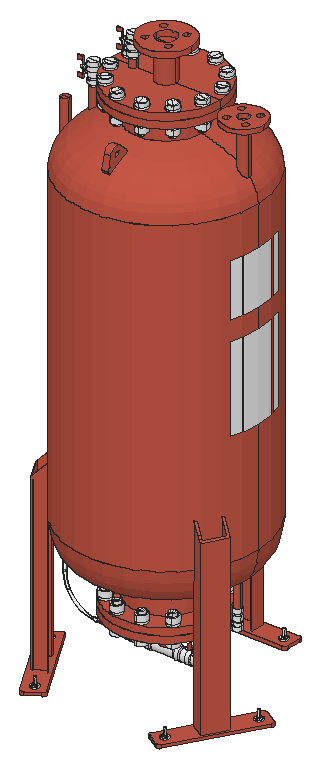
Revit family "YVPT-S240-14K(設計震度2G以下)", category スプリンクラ, Revit 2018
Family settings
  注釈の向きを維持 = いいえ
  丸型コネクタ寸法 = 直径を使用
  パーツ タイプ = 標準
  OmniClass 番号 = 23.65.70.17.21
  OmniClass タイトル = Foam Fire Fighting Terminals
  作業面ベース = いいえ
  常に垂直 = はい
  ロード時にボイドで切り取り = いいえ
  共有 = いいえ
  部屋計算ポイント = いいえ
Parameters
  運転質量 = 0.00 kg
  質量 = 0.00 kg
  設置方法 = ""
  記号 [instance] = ""
  製品質量 = 255.00 kg
  製品出荷対象 = ""
  製品リリース年月 = ""
  製品グループ = ""
  系統 [instance] = ""
  符号 = ""
  積算_科目 = "9 消火設備"
  積算_拾い区分 [instance] = ""
  特殊仕様 [instance] = ""
  法定耐用年数 = ""
  機械基礎質量 [instance] = 0.00 kg
  機械基礎_W = 0 mm
  機械基礎_H = 0 mm
  機械基礎_D = 0 mm
  材質 [instance] = ""
  最高使用圧力 = 0.0 Pa
  形式 = ""
  容量 = 268.0 L
  呼称 = "YVPU-240_14K"
  吐出量 [instance] = 0.0 L/s
  吐出口径 [instance] = 60.5 mm
  参照している仕様書等のバージョン = ""
  分類コード = "50903001800000"
  分類グループ = ""
  入口径 [instance] = 34 mm
  企業コード = "580077214"
  付属品 [instance] = ""
  仕様書バージョン = "Version1.0"
  コメント [instance] = ""
  Width = 0 mm
  Version = ""
  Uniclass2015Version = "Systems v1.9"
  Uniclass2015Title = "Foam fire fighting tanks"
  Uniclass2015Code = "Pr_60_50_67_31"
  URL = "https://www.yamatoprotec.co.jp/"
  SpecificationReference = ""
  SpecificationDescription = ""
  Revision = ""
  ProductInformation = "https://www.yamatoprotec.co.jp/products/syokasetsubi/proportioner/"
  Product data url = ""
  OmniClassCode = "23-29 33 13 21"
  Model = "YVPT-S240-14K"
  製造元 = "ヤマトプロテック株式会社"
  キーノート = "13955"
  IfcTypeProduct = ""
  IfcProduct = ""
  IfcExportType = "SPRINKLER"
  IfcExportAs = "IfcFireSuppressionTerminalType"
  Height = 0 mm
  Description = "YVPT-S240-14K"
  Depth = 0 mm
  Clearance Top = 0 mm
  Clearance Right = 0 mm
  Clearance Left = 0 mm
  Clearance Front = 0 mm
  Clearance Back = 0 mm
  Author = "BIMobject"
  アセンブリ コード = "D4090200"
Reference planes
  plane 1 "中心(正面/背面)": y = 0
  plane 2: z = 0
  plane 3 "中心(左/右)": x = 0
Forms (mm)
  Revolve 1, solid, material "Yamato Protec - Paint Red"
    sketch origin (0, 0, 0) x (1, 0, 0) y (0, 0, 1)
      loop
        line (0, 1509.038) -> (0, 279.296) -> (79.764, 279.296)
        spline (79.764, 279.296) -> (110.792, 285.55) -> (134.066, 291.563) -> (152.622, 297.241) -> (168.332, 302.624) -> (182.238, 307.845) -> (195.373, 313.178) -> (208.814, 319.48) -> (223.646, 327.77) -> (240.575, 339.426) -> (257.73, 358.234) -> (272.183, 388.973) -> (281, 436.428)
        line (281, 436.428) -> (281, 1376.484)
        spline (281, 1376.484) -> (274.531, 1406.417) -> (263.292, 1426.981) -> (252.103, 1440.386) -> (243.756, 1448.796) -> (237.281, 1454.297) -> (231.242, 1458.861) -> (223.841, 1463.794) -> (213.144, 1470.152) -> (197.335, 1478.718) -> (175.222, 1488.823) -> (145.821, 1499.314) -> (108.15, 1509.038)
        line (108.15, 1509.038) -> (0, 1509.038)
      axis (0, 1509.038) -> (0, 279.296)
    angle from 0 to 360
  Extrusion 2, solid, material "Yamato Protec - Paint Red"
    sketch origin (0, 0, 0) x (1, 0, 0) y (0, 1, 0)
      loop
        line (215.114, -285.854) -> (355.114, -43.367)
        arc (355.114, -43.367) -> (356.113, -35.779) -> (351.453, -29.707) r 10
        line (351.453, -29.707) -> (312.482, -7.207)
        arc (312.482, -7.207) -> (304.894, -6.208) -> (298.822, -10.867) r 10
        line (298.822, -10.867) -> (158.822, -253.354)
        arc (158.822, -253.354) -> (157.823, -260.942) -> (162.482, -267.014) r 10
        line (162.482, -267.014) -> (201.453, -289.514)
        arc (201.453, -289.514) -> (209.042, -290.513) -> (215.114, -285.854) r 10
      loop
        line (140, 329.221) -> (-140, 329.221)
        arc (-140, 329.221) -> (-147.071, 326.292) -> (-150, 319.221) r 10
        line (-150, 319.221) -> (-150, 274.221)
        arc (-150, 274.221) -> (-147.071, 267.15) -> (-140, 264.221) r 10
        line (-140, 264.221) -> (140, 264.221)
        arc (140, 264.221) -> (147.071, 267.15) -> (150, 274.221) r 10
        line (150, 274.221) -> (150, 319.221)
        arc (150, 319.221) -> (147.071, 326.292) -> (140, 329.221) r 10
      loop
        line (-355.114, -43.367) -> (-215.114, -285.854)
        arc (-215.114, -285.854) -> (-209.042, -290.513) -> (-201.453, -289.514) r 10
        line (-201.453, -289.514) -> (-162.482, -267.014)
        arc (-162.482, -267.014) -> (-157.823, -260.942) -> (-158.822, -253.354) r 10
        line (-158.822, -253.354) -> (-298.822, -10.867)
        arc (-298.822, -10.867) -> (-304.894, -6.208) -> (-312.482, -7.207) r 10
        line (-312.482, -7.207) -> (-351.453, -29.707)
        arc (-351.453, -29.707) -> (-356.113, -35.779) -> (-355.114, -43.367) r 10
    from 0 to 9
  Extrusion 3, solid, material "Yamato Protec - Paint Red"
    sketch origin (0, 0, 0) x (1, 0, 0) y (0, 1, 0)
      loop
        arc (-222.388, -171.769) -> (-223.919, -169.768) -> (-225.432, -167.753) r 281
        line (-225.432, -167.753) -> (-255.747, -185.255) -> (-288.247, -128.964) -> (-257.945, -111.469)
        arc (-257.945, -111.469) -> (-258.934, -109.152) -> (-259.902, -106.826) r 281
        line (-259.902, -106.826) -> (-295.077, -127.134) -> (-257.577, -192.085) -> (-222.388, -171.769)
      loop
        line (37.438, 278.495) -> (37.438, 319.111) -> (-37.562, 319.111) -> (-37.562, 278.478)
        arc (-37.562, 278.478) -> (-35.064, 278.804) -> (-32.562, 279.107) r 281
        line (-32.562, 279.107) -> (-32.562, 314.111) -> (32.438, 314.111) -> (32.438, 279.121)
        arc (32.438, 279.121) -> (34.939, 278.819) -> (37.438, 278.495) r 281
      loop
        arc (259.95, -106.709) -> (258.983, -109.036) -> (257.995, -111.354) r 281
        line (257.995, -111.354) -> (288.309, -128.856) -> (255.809, -185.147) -> (225.508, -167.652)
        arc (225.508, -167.652) -> (223.995, -169.668) -> (222.465, -171.669) r 281
        line (222.465, -171.669) -> (257.639, -191.977) -> (295.139, -127.025) -> (259.95, -106.709)
    from 0 to 570
  Extrusion 4, void
    sketch origin (0, 0, 0) x (0, 1, 0) y (0, 0, 1)
      loop
        line (278.111, 570) -> (319.111, 529) -> (319.111, 570) -> (278.111, 570)
    from -40.062 to 39.938
  Extrusion 5, void
    sketch origin (0, 0, 0) x (-0.866025, -0.5, 0) y (0, 0, 1)
      loop
        line (278.111, 570) -> (319.111, 529) -> (319.111, 570) -> (278.111, 570)
    from -40.062 to 39.938
  Extrusion 6, void
    sketch origin (0, 0, 0) x (0.866025, -0.5, 0) y (0, 0, 1)
      loop
        line (278.111, 570) -> (319.111, 529) -> (319.111, 570) -> (278.111, 570)
    from -40.062 to 39.938
  Revolve 7, solid, material "Yamato Protec - Paint Red"
    sketch origin (0, 0, 0) x (1, 0, 0) y (0, 0, 1)
      loop
        line (-30.25, 1716.968) -> (-30.25, 1617.968) -> (-165, 1617.968) -> (-165, 1596.468) -> (-108.15, 1596.468) -> (-108.15, 1595.468) -> (-165, 1595.468) -> (-165, 1573.968) -> (-108.15, 1573.968) -> (-108.15, 1509.038) -> (0, 1509.038) -> (0, 1716.968) -> (-30.25, 1716.968)
      axis (0, 1716.968) -> (0, 1509.038)
    angle from 0 to 360
  Extrusion 8, solid, material "Yamato Protec - Paint Red"
    sketch origin (0, 0, 0) x (0, 1, 0) y (0, 0, 1)
      loop
        line (-230.454, 1467.317) -> (-226.705, 1460.25) -> (-159.675, 1491.275) -> (-165.298, 1501.876) -> (-184.753, 1520.376)
        arc (-184.753, 1520.376) -> (-206.559, 1525.473) -> (-221.646, 1508.924) r 22.126
        line (-221.646, 1508.924) -> (-230.454, 1467.317)
      loop
        circle (-200, 1504.341) r 8.482
      loop
        line (230.454, 1467.317) -> (221.646, 1508.924)
        arc (221.646, 1508.924) -> (206.559, 1525.473) -> (184.753, 1520.376) r 22.126
        line (184.753, 1520.376) -> (165.298, 1501.876) -> (159.675, 1491.275) -> (226.705, 1460.25) -> (230.454, 1467.317)
      loop
        circle (200, 1504.341) r 8.482
    from -9.5 to 9.5
  Revolve 9, solid, material "Yamato Protec - Paint Red"
    sketch origin (0, 0, 0) x (1, 0, 0) y (0, 0, 1)
      loop
        line (252, 1438.968) -> (252, 1583.968) -> (235, 1583.968) -> (235, 1438.968) -> (252, 1438.968)
      axis (235, 1583.968) -> (235, 1438.968)
    angle from 0 to 360
  Revolve 10, solid, material "Yamato Protec - Aluminum"
    sketch origin (0, 0, 0) x (1, 0, 0) y (0, 0, 1)
      loop
        line (-235.5, 1578.423) -> (-236.5, 1578.423) -> (-236.5, 1567.423) -> (-235, 1567.423) -> (-235, 1551.423) -> (-234, 1551.423) -> (-234, 1543.823) -> (-235.5, 1543.423) -> (-235.5, 1532.423) -> (-230.552, 1531.104) -> (-230.85, 1525.423) -> (-220, 1525.423) -> (-220, 1591.423) -> (-235.5, 1591.423) -> (-235.5, 1578.423)
      axis (-220, 1591.423) -> (-220, 1525.423)
    angle from 0 to 360
  Revolve 11, solid, material "Yamato Protec - Aluminum"
    sketch origin (0, 0, 0) x (1, 0, 0) y (0, 0, 1)
      loop
        line (-258, 1561.423) -> (-220, 1561.423) -> (-220, 1571.423) -> (-236.5, 1571.423)
        arc (-236.5, 1571.423) -> (-236.939, 1570.363) -> (-238, 1569.923) r 1.5
        line (-238, 1569.923) -> (-242, 1569.923) -> (-242, 1572.923) -> (-245, 1572.923) -> (-245, 1567.423) -> (-246.5, 1567.423) -> (-246.5, 1566.423) -> (-249.1, 1566.423) -> (-249.5, 1565.423) -> (-249.5, 1563.923) -> (-258, 1563.923) -> (-258, 1561.423)
      axis (-258, 1561.423) -> (-220, 1561.423)
    angle from 0 to 360
  Revolve 12, solid, material "Yamato Protec - Aluminum"
    sketch origin (0, 0, 0) x (1, 0, 0) y (0, 0, 1)
      loop
        arc (-115.5, 1695.968) -> (-116.207, 1695.676) -> (-116.5, 1694.968) r 1
        line (-116.5, 1694.968) -> (-116.5, 1685.968)
        arc (-116.5, 1685.968) -> (-116, 1685.102) -> (-115, 1685.102) r 1
        line (-115, 1685.102) -> (-115, 1668.968) -> (-114, 1668.968) -> (-114, 1661.368) -> (-115.5, 1660.968) -> (-115.5, 1649.968) -> (-110.552, 1648.649) -> (-110.85, 1642.968) -> (-100, 1642.968) -> (-100, 1708.968) -> (-115.5, 1708.968) -> (-115.5, 1695.968)
      axis (-100, 1708.968) -> (-100, 1642.968)
    angle from 0 to 360
  Revolve 13, solid, material "Yamato Protec - Aluminum"
    sketch origin (0, 0, 0) x (1, 0, 0) y (0, 0, 1)
      loop
        line (-138, 1678.968) -> (-100, 1678.968) -> (-100, 1688.968) -> (-116.5, 1688.968)
        arc (-116.5, 1688.968) -> (-116.939, 1687.908) -> (-118, 1687.468) r 1.5
        line (-118, 1687.468) -> (-122, 1687.468) -> (-122, 1690.468) -> (-125, 1690.468) -> (-125, 1684.968) -> (-126.5, 1684.968) -> (-126.5, 1683.968) -> (-129.1, 1683.968) -> (-129.5, 1682.968) -> (-129.5, 1681.468) -> (-138, 1681.468) -> (-138, 1678.968)
      axis (-138, 1678.968) -> (-100, 1678.968)
    angle from 0 to 360
  Revolve 14, solid, material "Yamato Protec - Paint Red"
    sketch origin (0, 0, 0) x (1, 0, 0) y (0, 0, 1)
      loop
        line (-108.15, 219.071) -> (-165, 219.071) -> (-165, 197.571) -> (-108.15, 197.571) -> (-108.15, 196.571) -> (-165, 196.571) -> (-165, 175.071) -> (-13.6, 175.071) -> (-13.6, 104.071) -> (-16.5, 104.071) -> (-16.5, 84.071) -> (0, 84.071) -> (0, 289.071) -> (-108.15, 289.071) -> (-108.15, 219.071)
      axis (0, 289.071) -> (0, 84.071)
    angle from 0 to 360
  Revolve 15, solid, material "Yamato Protec - Aluminum"
    sketch origin (0, 0, 0) x (1, 0, 0) y (0, 0, 1)
      loop
        line (-137.5, 72.071) -> (139, 72.071) -> (139, 80.571) -> (128, 80.571) -> (128, 85.525) -> (122.902, 85.365) -> (122, 88.071) -> (108, 88.071) -> (107.667, 87.071) -> (100, 87.071)
        arc (100, 87.071) -> (99.707, 87.778) -> (99, 88.071) r 1
        line (99, 88.071) -> (83, 88.071) -> (83, 89.071)
        arc (83, 89.071) -> (82.707, 89.778) -> (82, 90.071) r 1
        line (82, 90.071) -> (70, 90.071) -> (70, 89.071) -> (55, 89.071) -> (55, 85.368) -> (49, 85.556) -> (49, 90.546) -> (38, 90.546) -> (38, 85.556) -> (32, 85.368) -> (32, 88.571) -> (-32, 88.571) -> (-32, 85.368) -> (-38, 85.556) -> (-38, 90.546) -> (-49, 90.546) -> (-49, 82.793) -> (-54, 82.637) -> (-54, 87.571) -> (-67, 87.571)
        arc (-67, 87.571) -> (-67.293, 88.278) -> (-68, 88.571) r 1
        line (-68, 88.571) -> (-77, 88.571)
        arc (-77, 88.571) -> (-77.866, 88.071) -> (-77.866, 87.071) r 1
        line (-77.866, 87.071) -> (-94, 87.071) -> (-94, 86.071) -> (-101.6, 86.071) -> (-102, 87.571) -> (-113, 87.571) -> (-114, 83.821) -> (-114, 81.103) -> (-121, 81.597) -> (-121.8, 83.071) -> (-130.2, 83.071) -> (-131, 81.597) -> (-131, 79.071) -> (-134, 79.071) -> (-134, 78.071) -> (-135, 78.071) -> (-135, 80.071) -> (-137.5, 80.071) -> (-137.5, 72.071)
      axis (-137.5, 72.071) -> (139, 72.071)
    angle from 0 to 360
  Revolve 16, solid, material "Yamato Protec - Aluminum"
    sketch origin (0, 0, 0) x (1, 0, 0) y (0, 0, 1)
      loop
        line (-86.5, 101.571) -> (-88, 101.571) -> (-89, 101.171) -> (-89, 98.971) -> (-88, 98.571) -> (-90, 98.571) -> (-90, 97.071) -> (-95.5, 97.071) -> (-95.5, 94.071) -> (-92.5, 94.071) -> (-92.5, 88.571)
        arc (-92.5, 88.571) -> (-92.939, 87.51) -> (-94, 87.071) r 1.5
        line (-94, 87.071) -> (-94, 72.071) -> (-84, 72.071) -> (-84, 110.071) -> (-86.5, 110.071) -> (-86.5, 101.571)
      axis (-84, 110.071) -> (-84, 72.071)
    angle from 0 to 360
  Revolve 17, solid, material "Yamato Protec - Aluminum"
    sketch origin (0, 0, 0) x (1, 0, 0) y (0, 0, 1)
      loop
        line (86, 118.071) -> (86, 107.571) -> (84, 107.571) -> (84, 104.571) -> (83, 104.571) -> (83, 103.071) -> (77.5, 103.071) -> (77.5, 101.071) -> (81.5, 101.071) -> (81.5, 92.071)
        arc (81.5, 92.071) -> (80.914, 90.656) -> (79.5, 90.071) r 2
        line (79.5, 90.071) -> (79.5, 72.071) -> (89, 72.071) -> (89, 118.071) -> (86, 118.071)
      axis (89, 118.071) -> (89, 72.071)
    angle from 0 to 360
  Sweep 18, solid, material "Yamato Protec - Clear-Gray"
    path origin (0, 0, 0) x (1, 0, 0) y (0, 0, 1)
      loop
        line (-306, 825.284) -> (-306, 172.071)
        arc (-306, 172.071) -> (-303.243, 148.749) -> (-295.122, 126.714) r 100
        arc (-295.122, 126.714) -> (-265.345, 91.584) -> (-222.981, 73.523) r 100
        arc (-222.981, 73.523) -> (-214.522, 72.434) -> (-206, 72.071) r 100
        line (-206, 72.071) -> (-137.5, 72.071)
    profile origin (-171.75, 0, 72.071) x (0, 0, 1) y (0, -1, 0)
      loop
        circle (0, 0) r 5
  Revolve 19, solid, material "Yamato Protec - Aluminum"
    sketch origin (0, 0, 0) x (1, 0, 0) y (0, 0, 1)
      loop
        line (-312.5, 867.684) -> (-314, 867.684) -> (-314, 865.184) -> (-312, 865.184) -> (-312, 864.183) -> (-313, 864.183) -> (-313, 861.183) -> (-314, 861.183) -> (-316, 859.183) -> (-316, 852.984) -> (-318, 852.984) -> (-319.75, 851.973) -> (-319.75, 848.994) -> (-318, 847.984) -> (-326, 847.984) -> (-326, 844.984) -> (-318, 844.984) -> (-319.75, 843.973) -> (-319.75, 840.994) -> (-318, 839.984) -> (-316, 839.984) -> (-316, 833.784) -> (-314, 831.784) -> (-313, 831.784) -> (-313, 828.784) -> (-312, 828.784) -> (-312, 827.784) -> (-314, 827.784) -> (-314, 825.284) -> (-306, 825.284) -> (-306, 872.484) -> (-312.5, 872.484) -> (-312.5, 867.684)
      axis (-306, 825.284) -> (-306, 872.484)
    angle from 0 to 360
  Revolve 20, solid, material "Yamato Protec - Paint Red"
    sketch origin (0, 0, 0) x (1, 0, 0) y (0, 0, 1)
      loop
        line (-318, 872.484) -> (-306, 872.484) -> (-306, 1462.484) -> (-318, 1462.484) -> (-318, 872.484)
      axis (-306, 1462.484) -> (-306, 872.484)
    angle from 0 to 360
  Revolve 21, solid, material "Yamato Protec - Paint Red"
    sketch origin (0, 0, 0) x (1, 0, 0) y (0, 0, 1)
      loop
        line (-281, 1213.484) -> (-281, 1225.984) -> (-296.1, 1225.984) -> (-296.1, 1213.484) -> (-281, 1213.484)
      axis (-296.1, 1213.484) -> (-281, 1213.484)
    angle from 0 to 360
  Revolve 22, solid, material "Yamato Protec - Aluminum"
    sketch origin (0, 0, 0) x (0.707107, 0.707107, 0) y (0, 0, 1)
      loop
        line (136.534, 1541.968) -> (145, 1541.968) -> (145, 1574.468) -> (128.1, 1574.468) -> (128.1, 1569.368) -> (130, 1569.368) -> (127.675, 1568.026) -> (127.675, 1551.711) -> (130, 1550.368) -> (135, 1550.368) -> (135, 1543.502) -> (136.534, 1541.968)
      loop
        line (145, 1634.468) -> (130, 1634.468) -> (127.675, 1633.126) -> (127.675, 1622.768) -> (130.905, 1622.768) -> (130.905, 1621.968) -> (126.5, 1621.968) -> (126.5, 1618.468) -> (145, 1618.468) -> (145, 1634.468)
      axis (145, 1634.468) -> (145, 1541.968)
    angle from 0 to 360
  Revolve 23, solid, material "Yamato Protec - Aluminum"
    sketch origin (0, 0, 0) x (0.258819, 0.965926, 0) y (0, 0, 1)
      loop
        line (136.534, 1541.968) -> (145, 1541.968) -> (145, 1574.468) -> (128.1, 1574.468) -> (128.1, 1569.368) -> (130, 1569.368) -> (127.675, 1568.026) -> (127.675, 1551.711) -> (130, 1550.368) -> (135, 1550.368) -> (135, 1543.502) -> (136.534, 1541.968)
      loop
        line (145, 1634.468) -> (130, 1634.468) -> (127.675, 1633.126) -> (127.675, 1622.768) -> (130.905, 1622.768) -> (130.905, 1621.968) -> (126.5, 1621.968) -> (126.5, 1618.468) -> (145, 1618.468) -> (145, 1634.468)
      axis (145, 1634.468) -> (145, 1541.968)
    angle from 0 to 360
  Revolve 24, solid, material "Yamato Protec - Aluminum"
    sketch origin (0, 0, 0) x (0.965926, 0.258819, 0) y (0, 0, 1)
      loop
        line (136.534, 1541.968) -> (145, 1541.968) -> (145, 1574.468) -> (128.1, 1574.468) -> (128.1, 1569.368) -> (130, 1569.368) -> (127.675, 1568.026) -> (127.675, 1551.711) -> (130, 1550.368) -> (135, 1550.368) -> (135, 1543.502) -> (136.534, 1541.968)
      loop
        line (145, 1634.468) -> (130, 1634.468) -> (127.675, 1633.126) -> (127.675, 1622.768) -> (130.905, 1622.768) -> (130.905, 1621.968) -> (126.5, 1621.968) -> (126.5, 1618.468) -> (145, 1618.468) -> (145, 1634.468)
      axis (145, 1634.468) -> (145, 1541.968)
    angle from 0 to 360
  Revolve 25, solid, material "Yamato Protec - Aluminum"
    sketch origin (0, 0, 0) x (0.965926, -0.258819, 0) y (0, 0, 1)
      loop
        line (136.534, 1541.968) -> (145, 1541.968) -> (145, 1574.468) -> (128.1, 1574.468) -> (128.1, 1569.368) -> (130, 1569.368) -> (127.675, 1568.026) -> (127.675, 1551.711) -> (130, 1550.368) -> (135, 1550.368) -> (135, 1543.502) -> (136.534, 1541.968)
      loop
        line (145, 1634.468) -> (130, 1634.468) -> (127.675, 1633.126) -> (127.675, 1622.768) -> (130.905, 1622.768) -> (130.905, 1621.968) -> (126.5, 1621.968) -> (126.5, 1618.468) -> (145, 1618.468) -> (145, 1634.468)
      axis (145, 1634.468) -> (145, 1541.968)
    angle from 0 to 360
  Revolve 26, solid, material "Yamato Protec - Aluminum"
    sketch origin (0, 0, 0) x (0.707107, -0.707107, 0) y (0, 0, 1)
      loop
        line (136.534, 1541.968) -> (145, 1541.968) -> (145, 1574.468) -> (128.1, 1574.468) -> (128.1, 1569.368) -> (130, 1569.368) -> (127.675, 1568.026) -> (127.675, 1551.711) -> (130, 1550.368) -> (135, 1550.368) -> (135, 1543.502) -> (136.534, 1541.968)
      loop
        line (145, 1634.468) -> (130, 1634.468) -> (127.675, 1633.126) -> (127.675, 1622.768) -> (130.905, 1622.768) -> (130.905, 1621.968) -> (126.5, 1621.968) -> (126.5, 1618.468) -> (145, 1618.468) -> (145, 1634.468)
      axis (145, 1634.468) -> (145, 1541.968)
    angle from 0 to 360
  Revolve 27, solid, material "Yamato Protec - Aluminum"
    sketch origin (0, 0, 0) x (0.258819, -0.965926, 0) y (0, 0, 1)
      loop
        line (136.534, 1541.968) -> (145, 1541.968) -> (145, 1574.468) -> (128.1, 1574.468) -> (128.1, 1569.368) -> (130, 1569.368) -> (127.675, 1568.026) -> (127.675, 1551.711) -> (130, 1550.368) -> (135, 1550.368) -> (135, 1543.502) -> (136.534, 1541.968)
      loop
        line (145, 1634.468) -> (130, 1634.468) -> (127.675, 1633.126) -> (127.675, 1622.768) -> (130.905, 1622.768) -> (130.905, 1621.968) -> (126.5, 1621.968) -> (126.5, 1618.468) -> (145, 1618.468) -> (145, 1634.468)
      axis (145, 1634.468) -> (145, 1541.968)
    angle from 0 to 360
  Revolve 28, solid, material "Yamato Protec - Aluminum"
    sketch origin (0, 0, 0) x (-0.258819, -0.965926, 0) y (0, 0, 1)
      loop
        line (136.534, 1541.968) -> (145, 1541.968) -> (145, 1574.468) -> (128.1, 1574.468) -> (128.1, 1569.368) -> (130, 1569.368) -> (127.675, 1568.026) -> (127.675, 1551.711) -> (130, 1550.368) -> (135, 1550.368) -> (135, 1543.502) -> (136.534, 1541.968)
      loop
        line (145, 1634.468) -> (130, 1634.468) -> (127.675, 1633.126) -> (127.675, 1622.768) -> (130.905, 1622.768) -> (130.905, 1621.968) -> (126.5, 1621.968) -> (126.5, 1618.468) -> (145, 1618.468) -> (145, 1634.468)
      axis (145, 1634.468) -> (145, 1541.968)
    angle from 0 to 360
  Revolve 29, solid, material "Yamato Protec - Aluminum"
    sketch origin (0, 0, 0) x (-0.707107, -0.707107, 0) y (0, 0, 1)
      loop
        line (136.534, 1541.968) -> (145, 1541.968) -> (145, 1574.468) -> (128.1, 1574.468) -> (128.1, 1569.368) -> (130, 1569.368) -> (127.675, 1568.026) -> (127.675, 1551.711) -> (130, 1550.368) -> (135, 1550.368) -> (135, 1543.502) -> (136.534, 1541.968)
      loop
        line (145, 1634.468) -> (130, 1634.468) -> (127.675, 1633.126) -> (127.675, 1622.768) -> (130.905, 1622.768) -> (130.905, 1621.968) -> (126.5, 1621.968) -> (126.5, 1618.468) -> (145, 1618.468) -> (145, 1634.468)
      axis (145, 1634.468) -> (145, 1541.968)
    angle from 0 to 360
  Revolve 30, solid, material "Yamato Protec - Aluminum"
    sketch origin (0, 0, 0) x (-0.965926, -0.258819, 0) y (0, 0, 1)
      loop
        line (136.534, 1541.968) -> (145, 1541.968) -> (145, 1574.468) -> (128.1, 1574.468) -> (128.1, 1569.368) -> (130, 1569.368) -> (127.675, 1568.026) -> (127.675, 1551.711) -> (130, 1550.368) -> (135, 1550.368) -> (135, 1543.502) -> (136.534, 1541.968)
      loop
        line (145, 1634.468) -> (130, 1634.468) -> (127.675, 1633.126) -> (127.675, 1622.768) -> (130.905, 1622.768) -> (130.905, 1621.968) -> (126.5, 1621.968) -> (126.5, 1618.468) -> (145, 1618.468) -> (145, 1634.468)
      axis (145, 1634.468) -> (145, 1541.968)
    angle from 0 to 360
  Revolve 31, solid, material "Yamato Protec - Aluminum"
    sketch origin (0, 0, 0) x (-0.965926, 0.258819, 0) y (0, 0, 1)
      loop
        line (136.534, 1541.968) -> (145, 1541.968) -> (145, 1574.468) -> (128.1, 1574.468) -> (128.1, 1569.368) -> (130, 1569.368) -> (127.675, 1568.026) -> (127.675, 1551.711) -> (130, 1550.368) -> (135, 1550.368) -> (135, 1543.502) -> (136.534, 1541.968)
      loop
        line (145, 1634.468) -> (130, 1634.468) -> (127.675, 1633.126) -> (127.675, 1622.768) -> (130.905, 1622.768) -> (130.905, 1621.968) -> (126.5, 1621.968) -> (126.5, 1618.468) -> (145, 1618.468) -> (145, 1634.468)
      axis (145, 1634.468) -> (145, 1541.968)
    angle from 0 to 360
  Revolve 32, solid, material "Yamato Protec - Aluminum"
    sketch origin (0, 0, 0) x (-0.707107, 0.707107, 0) y (0, 0, 1)
      loop
        line (136.534, 1541.968) -> (145, 1541.968) -> (145, 1574.468) -> (128.1, 1574.468) -> (128.1, 1569.368) -> (130, 1569.368) -> (127.675, 1568.026) -> (127.675, 1551.711) -> (130, 1550.368) -> (135, 1550.368) -> (135, 1543.502) -> (136.534, 1541.968)
      loop
        line (145, 1634.468) -> (130, 1634.468) -> (127.675, 1633.126) -> (127.675, 1622.768) -> (130.905, 1622.768) -> (130.905, 1621.968) -> (126.5, 1621.968) -> (126.5, 1618.468) -> (145, 1618.468) -> (145, 1634.468)
      axis (145, 1634.468) -> (145, 1541.968)
    angle from 0 to 360
  Revolve 33, solid, material "Yamato Protec - Aluminum"
    sketch origin (0, 0, 0) x (-0.258819, 0.965926, 0) y (0, 0, 1)
      loop
        line (136.534, 1541.968) -> (145, 1541.968) -> (145, 1574.468) -> (128.1, 1574.468) -> (128.1, 1569.368) -> (130, 1569.368) -> (127.675, 1568.026) -> (127.675, 1551.711) -> (130, 1550.368) -> (135, 1550.368) -> (135, 1543.502) -> (136.534, 1541.968)
      loop
        line (145, 1634.468) -> (130, 1634.468) -> (127.675, 1633.126) -> (127.675, 1622.768) -> (130.905, 1622.768) -> (130.905, 1621.968) -> (126.5, 1621.968) -> (126.5, 1618.468) -> (145, 1618.468) -> (145, 1634.468)
      axis (145, 1634.468) -> (145, 1541.968)
    angle from 0 to 360
  Revolve 34, solid, material "Yamato Protec - Paint Red"
    sketch origin (0, 0, 0) x (1, 0, 0) y (0, 0, 1)
      loop
        line (206.336, 328.103) -> (206.475, 258.103) -> (216.336, 258.103) -> (216.336, 328.103) -> (206.336, 328.103)
      axis (216.336, 328.103) -> (216.336, 258.103)
    angle from 0 to 360
  Revolve 35, solid
    sketch origin (0, 0, 0) x (0.965926, 0.258819, 0) y (0, 0, 1)
      loop
        line (153.466, 251.571) -> (145, 251.571) -> (145, 219.071) -> (161.9, 219.071) -> (161.9, 224.171) -> (160, 224.171) -> (162.325, 225.513) -> (162.325, 241.828) -> (160, 243.171) -> (155, 243.171) -> (155, 250.037) -> (153.466, 251.571)
      loop
        line (145, 175.071) -> (145, 159.071) -> (160, 159.071) -> (162.325, 160.413) -> (162.325, 170.771) -> (159.095, 170.771) -> (159.095, 175.071) -> (145, 175.071)
      axis (145, 251.571) -> (145, 159.071)
    angle from 0 to 360
  Revolve 36, solid, material "Yamato Protec - Aluminum"
    sketch origin (-4.983, 37.687, 0) x (1, 0, 0) y (0, 0, 1)
      loop
        line (153.466, 251.571) -> (145, 251.571) -> (145, 219.071) -> (161.9, 219.071) -> (161.9, 224.171) -> (160, 224.171) -> (162.325, 225.513) -> (162.325, 241.828) -> (160, 243.171) -> (155, 243.171) -> (155, 250.037) -> (153.466, 251.571)
      loop
        line (145, 175.071) -> (145, 159.071) -> (160, 159.071) -> (162.325, 160.413) -> (162.325, 170.771) -> (159.095, 170.771) -> (159.095, 175.071) -> (145, 175.071)
      axis (145, 251.571) -> (145, 159.071)
    angle from 0 to 360
  Revolve 37, solid, material "Yamato Protec - Aluminum"
    sketch origin (-23.159, 30.146, 0) x (0.866025, 0.5, 0) y (0, 0, 1)
      loop
        line (153.466, 251.571) -> (145, 251.571) -> (145, 219.071) -> (161.9, 219.071) -> (161.9, 224.171) -> (160, 224.171) -> (162.325, 225.513) -> (162.325, 241.828) -> (160, 243.171) -> (155, 243.171) -> (155, 250.037) -> (153.466, 251.571)
      loop
        line (145, 175.071) -> (145, 159.071) -> (160, 159.071) -> (162.325, 160.413) -> (162.325, 170.771) -> (159.095, 170.771) -> (159.095, 175.071) -> (145, 175.071)
      axis (145, 251.571) -> (145, 159.071)
    angle from 0 to 360
  Revolve 38, solid, material "Yamato Protec - Aluminum"
    sketch origin (14.528, 35.129, 0) x (0.866025, -0.5, 0) y (0, 0, 1)
      loop
        line (153.466, 251.571) -> (145, 251.571) -> (145, 219.071) -> (161.9, 219.071) -> (161.9, 224.171) -> (160, 224.171) -> (162.325, 225.513) -> (162.325, 241.828) -> (160, 243.171) -> (155, 243.171) -> (155, 250.037) -> (153.466, 251.571)
      loop
        line (145, 175.071) -> (145, 159.071) -> (160, 159.071) -> (162.325, 160.413) -> (162.325, 170.771) -> (159.095, 170.771) -> (159.095, 175.071) -> (145, 175.071)
      axis (145, 251.571) -> (145, 159.071)
    angle from 0 to 360
  Revolve 39, solid, material "Yamato Protec - Aluminum"
    sketch origin (30.146, 23.159, 0) x (0.5, -0.866025, 0) y (0, 0, 1)
      loop
        line (153.466, 251.571) -> (145, 251.571) -> (145, 219.071) -> (161.9, 219.071) -> (161.9, 224.171) -> (160, 224.171) -> (162.325, 225.513) -> (162.325, 241.828) -> (160, 243.171) -> (155, 243.171) -> (155, 250.037) -> (153.466, 251.571)
      loop
        line (145, 175.071) -> (145, 159.071) -> (160, 159.071) -> (162.325, 160.413) -> (162.325, 170.771) -> (159.095, 170.771) -> (159.095, 175.071) -> (145, 175.071)
      axis (145, 251.571) -> (145, 159.071)
    angle from 0 to 360
  Revolve 40, solid, material "Yamato Protec - Aluminum"
    sketch origin (37.687, 4.983, 0) x (0, -1, 0) y (0, 0, 1)
      loop
        line (153.466, 251.571) -> (145, 251.571) -> (145, 219.071) -> (161.9, 219.071) -> (161.9, 224.171) -> (160, 224.171) -> (162.325, 225.513) -> (162.325, 241.828) -> (160, 243.171) -> (155, 243.171) -> (155, 250.037) -> (153.466, 251.571)
      loop
        line (145, 175.071) -> (145, 159.071) -> (160, 159.071) -> (162.325, 160.413) -> (162.325, 170.771) -> (159.095, 170.771) -> (159.095, 175.071) -> (145, 175.071)
      axis (145, 251.571) -> (145, 159.071)
    angle from 0 to 360
  Revolve 41, solid, material "Yamato Protec - Aluminum"
    sketch origin (35.129, -14.528, 0) x (-0.5, -0.866025, 0) y (0, 0, 1)
      loop
        line (153.466, 251.571) -> (145, 251.571) -> (145, 219.071) -> (161.9, 219.071) -> (161.9, 224.171) -> (160, 224.171) -> (162.325, 225.513) -> (162.325, 241.828) -> (160, 243.171) -> (155, 243.171) -> (155, 250.037) -> (153.466, 251.571)
      loop
        line (145, 175.071) -> (145, 159.071) -> (160, 159.071) -> (162.325, 160.413) -> (162.325, 170.771) -> (159.095, 170.771) -> (159.095, 175.071) -> (145, 175.071)
      axis (145, 251.571) -> (145, 159.071)
    angle from 0 to 360
  Revolve 42, solid, material "Yamato Protec - Aluminum"
    sketch origin (23.159, -30.146, 0) x (-0.866025, -0.5, 0) y (0, 0, 1)
      loop
        line (153.466, 251.571) -> (145, 251.571) -> (145, 219.071) -> (161.9, 219.071) -> (161.9, 224.171) -> (160, 224.171) -> (162.325, 225.513) -> (162.325, 241.828) -> (160, 243.171) -> (155, 243.171) -> (155, 250.037) -> (153.466, 251.571)
      loop
        line (145, 175.071) -> (145, 159.071) -> (160, 159.071) -> (162.325, 160.413) -> (162.325, 170.771) -> (159.095, 170.771) -> (159.095, 175.071) -> (145, 175.071)
      axis (145, 251.571) -> (145, 159.071)
    angle from 0 to 360
  Revolve 43, solid, material "Yamato Protec - Aluminum"
    sketch origin (4.983, -37.687, 0) x (-1, 0, 0) y (0, 0, 1)
      loop
        line (153.466, 251.571) -> (145, 251.571) -> (145, 219.071) -> (161.9, 219.071) -> (161.9, 224.171) -> (160, 224.171) -> (162.325, 225.513) -> (162.325, 241.828) -> (160, 243.171) -> (155, 243.171) -> (155, 250.037) -> (153.466, 251.571)
      loop
        line (145, 175.071) -> (145, 159.071) -> (160, 159.071) -> (162.325, 160.413) -> (162.325, 170.771) -> (159.095, 170.771) -> (159.095, 175.071) -> (145, 175.071)
      axis (145, 251.571) -> (145, 159.071)
    angle from 0 to 360
  Revolve 44, solid, material "Yamato Protec - Aluminum"
    sketch origin (-14.528, -35.129, 0) x (-0.866025, 0.5, 0) y (0, 0, 1)
      loop
        line (153.466, 251.571) -> (145, 251.571) -> (145, 219.071) -> (161.9, 219.071) -> (161.9, 224.171) -> (160, 224.171) -> (162.325, 225.513) -> (162.325, 241.828) -> (160, 243.171) -> (155, 243.171) -> (155, 250.037) -> (153.466, 251.571)
      loop
        line (145, 175.071) -> (145, 159.071) -> (160, 159.071) -> (162.325, 160.413) -> (162.325, 170.771) -> (159.095, 170.771) -> (159.095, 175.071) -> (145, 175.071)
      axis (145, 251.571) -> (145, 159.071)
    angle from 0 to 360
  Revolve 45, solid, material "Yamato Protec - Aluminum"
    sketch origin (-30.146, -23.159, 0) x (-0.5, 0.866025, 0) y (0, 0, 1)
      loop
        line (153.466, 251.571) -> (145, 251.571) -> (145, 219.071) -> (161.9, 219.071) -> (161.9, 224.171) -> (160, 224.171) -> (162.325, 225.513) -> (162.325, 241.828) -> (160, 243.171) -> (155, 243.171) -> (155, 250.037) -> (153.466, 251.571)
      loop
        line (145, 175.071) -> (145, 159.071) -> (160, 159.071) -> (162.325, 160.413) -> (162.325, 170.771) -> (159.095, 170.771) -> (159.095, 175.071) -> (145, 175.071)
      axis (145, 251.571) -> (145, 159.071)
    angle from 0 to 360
  Revolve 46, solid, material "Yamato Protec - Aluminum"
    sketch origin (-37.687, -4.983, 0) x (0, 1, 0) y (0, 0, 1)
      loop
        line (153.466, 251.571) -> (145, 251.571) -> (145, 219.071) -> (161.9, 219.071) -> (161.9, 224.171) -> (160, 224.171) -> (162.325, 225.513) -> (162.325, 241.828) -> (160, 243.171) -> (155, 243.171) -> (155, 250.037) -> (153.466, 251.571)
      loop
        line (145, 175.071) -> (145, 159.071) -> (160, 159.071) -> (162.325, 160.413) -> (162.325, 170.771) -> (159.095, 170.771) -> (159.095, 175.071) -> (145, 175.071)
      axis (145, 251.571) -> (145, 159.071)
    angle from 0 to 360
  Revolve 47, solid, material "Yamato Protec - Aluminum"
    sketch origin (-35.129, 14.528, 0) x (0.5, 0.866025, 0) y (0, 0, 1)
      loop
        line (153.466, 251.571) -> (145, 251.571) -> (145, 219.071) -> (161.9, 219.071) -> (161.9, 224.171) -> (160, 224.171) -> (162.325, 225.513) -> (162.325, 241.828) -> (160, 243.171) -> (155, 243.171) -> (155, 250.037) -> (153.466, 251.571)
      loop
        line (145, 175.071) -> (145, 159.071) -> (160, 159.071) -> (162.325, 160.413) -> (162.325, 170.771) -> (159.095, 170.771) -> (159.095, 175.071) -> (145, 175.071)
      axis (145, 251.571) -> (145, 159.071)
    angle from 0 to 360
  Revolve 48, solid, material "Yamato Protec - Aluminum"
    sketch origin (0, 0, 0) x (1, 0, 0) y (0, 0, 1)
      loop
        line (208.218, 258.568) -> (204.468, 257.568) -> (204.468, 246.568) -> (205.968, 246.168) -> (205.968, 238.568) -> (204.968, 238.568) -> (204.968, 222.434)
        arc (204.968, 222.434) -> (203.968, 222.434) -> (203.468, 221.568) r 1
        line (203.468, 221.568) -> (203.468, 212.568)
        arc (203.468, 212.568) -> (203.761, 211.861) -> (204.468, 211.568) r 1
        line (204.468, 211.568) -> (204.468, 198.568) -> (216.336, 198.568) -> (216.336, 258.568) -> (208.218, 258.568)
      axis (216.336, 258.568) -> (216.336, 198.568)
    angle from 0 to 360
  Extrusion 49, solid, material "Yamato Protec - Paint Red"
    sketch origin (0, 0, 0) x (0, 1, 0) y (0, 0, 1)
      loop
        arc (20, 125.072) -> (18.586, 124.486) -> (18, 123.072) r 2
        line (18, 123.072) -> (18, 112.072) -> (19, 112.072) -> (19, 110.072) -> (-19, 110.072) -> (-19, 112.072) -> (-18, 112.072) -> (-18, 123.072)
        arc (-18, 123.072) -> (-18.586, 124.486) -> (-20, 125.072) r 2
        line (-20, 125.072) -> (-28, 125.072)
        arc (-28, 125.072) -> (-29.414, 124.486) -> (-30, 123.072) r 2
        line (-30, 123.072) -> (-30, 112.072) -> (-29, 112.072) -> (-29, 108.072) -> (29, 108.072) -> (29, 112.072) -> (30, 112.072) -> (30, 123.072)
        arc (30, 123.072) -> (29.414, 124.486) -> (28, 125.072) r 2
        line (28, 125.072) -> (20, 125.072)
    from 88 to 90
  Extrusion 50, solid, material "Yamato Protec - Paint Red"
    sketch origin (0, 0, 0) x (0, 1, 0) y (0, 0, -1)
      loop
        line (20, -116.072) -> (28, -116.072)
        arc (28, -116.072) -> (29.414, -115.486) -> (30, -114.072) r 2
        line (30, -114.072) -> (30, -103.072) -> (29, -103.072) -> (29, -99.072) -> (-29, -99.072) -> (-29, -103.072) -> (-30, -103.072) -> (-30, -114.072)
        arc (-30, -114.072) -> (-29.414, -115.486) -> (-28, -116.072) r 2
        line (-28, -116.072) -> (-20, -116.072)
        arc (-20, -116.072) -> (-18.586, -115.486) -> (-18, -114.072) r 2
        line (-18, -114.072) -> (-18, -103.072) -> (-19, -103.072) -> (-19, -101.072) -> (19, -101.072) -> (19, -103.072) -> (18, -103.072) -> (18, -114.072)
        arc (18, -114.072) -> (18.586, -115.486) -> (20, -116.072) r 2
    from 83 to 85
  Revolve 51, solid, material "Yamato Protec - Paint Red"
    sketch origin (0, 0, 0) x (1, 0, 0) y (0, 0, 1)
      loop
        line (-110.85, 1642.968) -> (-110.85, 1617.968) -> (-100, 1617.968) -> (-100, 1642.968) -> (-110.85, 1642.968)
      axis (-100, 1642.968) -> (-100, 1617.968)
    angle from 0 to 360
  Revolve 52, solid, material "Yamato Protec - Paint Red"
    sketch origin (0, 0, 0) x (1, 0, 0) y (0, 0, 1)
      loop
        line (-230.85, 1454.812) -> (-220, 1454.812) -> (-220, 1525.423) -> (-230.85, 1525.423) -> (-230.85, 1454.812)
      axis (-220, 1525.423) -> (-220, 1454.812)
    angle from 0 to 360
  Extrusion 53, solid, material "Yamato Protec - Paint Red"
    sketch origin (0, 0, 0) x (1, 0, 0) y (0, 0, 1)
      loop
        line (-268.076, 1541.423) -> (-268.076, 1533.423)
        arc (-268.076, 1533.423) -> (-267.491, 1532.009) -> (-266.076, 1531.423) r 2
        line (-266.076, 1531.423) -> (-255.076, 1531.423) -> (-255.076, 1532.423) -> (-251.076, 1532.423) -> (-251.076, 1590.423) -> (-255.076, 1590.423) -> (-255.076, 1591.423) -> (-266.076, 1591.423)
        arc (-266.076, 1591.423) -> (-267.491, 1590.838) -> (-268.076, 1589.423) r 2
        line (-268.076, 1589.423) -> (-268.076, 1581.423)
        arc (-268.076, 1581.423) -> (-267.491, 1580.009) -> (-266.076, 1579.423) r 2
        line (-266.076, 1579.423) -> (-255.076, 1579.423) -> (-255.076, 1580.423) -> (-253.076, 1580.423) -> (-253.076, 1542.423) -> (-255.076, 1542.423) -> (-255.076, 1543.423) -> (-266.076, 1543.423)
        arc (-266.076, 1543.423) -> (-267.491, 1542.838) -> (-268.076, 1541.423) r 2
    from -1 to 1
  Extrusion 54, solid, material "Yamato Protec - Paint Red"
    sketch origin (120, 0, 117.545) x (1, 0, 0) y (0, 0, 1)
      loop
        line (-268.076, 1541.423) -> (-268.076, 1533.423)
        arc (-268.076, 1533.423) -> (-267.491, 1532.009) -> (-266.076, 1531.423) r 2
        line (-266.076, 1531.423) -> (-255.076, 1531.423) -> (-255.076, 1532.423) -> (-251.076, 1532.423) -> (-251.076, 1590.423) -> (-255.076, 1590.423) -> (-255.076, 1591.423) -> (-266.076, 1591.423)
        arc (-266.076, 1591.423) -> (-267.491, 1590.838) -> (-268.076, 1589.423) r 2
        line (-268.076, 1589.423) -> (-268.076, 1581.423)
        arc (-268.076, 1581.423) -> (-267.491, 1580.009) -> (-266.076, 1579.423) r 2
        line (-266.076, 1579.423) -> (-255.076, 1579.423) -> (-255.076, 1580.423) -> (-253.076, 1580.423) -> (-253.076, 1542.423) -> (-255.076, 1542.423) -> (-255.076, 1543.423) -> (-266.076, 1543.423)
        arc (-266.076, 1543.423) -> (-267.491, 1542.838) -> (-268.076, 1541.423) r 2
    from -1 to 1
  Revolve 55, solid, material "Yamato Protec - Aluminum"
    sketch origin (8.713, 132.877, 0) x (0.866823, -0.498615, 0) y (0, 0, 1)
      loop
        line (355.614, 35.499) -> (355.614, 9) -> (367.13, 9) -> (367.13, 10.999) -> (361.614, 10.999) -> (361.614, 12.499) -> (360.614, 12.499) -> (360.614, 15.499) -> (358.614, 15.499) -> (358.614, 35.499) -> (355.614, 35.499)
      axis (355.614, 35.499) -> (355.614, 9)
    angle from 0 to 360
  Extrusion 56, solid, material "Yamato Protec - Aluminum"
    sketch origin (0, 0, 0) x (0, 1, 0) y (-1, 0, 0)
      loop
        arc (-90, -266.725) -> (0, -281.5) -> (90, -266.725) r 281.5
        line (90, -266.725) -> (90, -265.669)
        arc (90, -265.669) -> (0, -280.5) -> (-90, -265.669) r 280.5
        line (-90, -265.669) -> (-90, -266.725)
    from 1096.484 to 1256.484
  Extrusion 57, solid, material "Yamato Protec - Aluminum"
    sketch origin (0, 0, 0) x (0, 1, 0) y (-1, 0, 0)
      loop
        arc (-90, -266.725) -> (0, -281.5) -> (90, -266.725) r 281.5
        line (90, -266.725) -> (90, -265.669)
        arc (90, -265.669) -> (0, -280.5) -> (-90, -265.669) r 280.5
        line (-90, -265.669) -> (-90, -266.725)
    from 779.523 to 1036.523
  Revolve 58, solid, material "Yamato Protec - Aluminum"
    sketch origin (-111.287, -74.969, 0) x (0.866823, -0.498615, 0) y (0, 0, 1)
      loop
        line (355.614, 35.499) -> (355.614, 9) -> (367.13, 9) -> (367.13, 10.999) -> (361.614, 10.999) -> (361.614, 12.499) -> (360.614, 12.499) -> (360.614, 15.499) -> (358.614, 15.499) -> (358.614, 35.499) -> (355.614, 35.499)
      axis (355.614, 35.499) -> (355.614, 9)
    angle from 0 to 360
  Revolve 59, solid, material "Yamato Protec - Aluminum"
    sketch origin (-505.222, -74.969, 0) x (0.866823, -0.498615, 0) y (0, 0, 1)
      loop
        line (355.614, 35.499) -> (355.614, 9) -> (367.13, 9) -> (367.13, 10.999) -> (361.614, 10.999) -> (361.614, 12.499) -> (360.614, 12.499) -> (360.614, 15.499) -> (358.614, 15.499) -> (358.614, 35.499) -> (355.614, 35.499)
      axis (355.614, 35.499) -> (355.614, 9)
    angle from 0 to 360
  Revolve 60, solid, material "Yamato Protec - Aluminum"
    sketch origin (-625.222, 132.877, 0) x (0.866823, -0.498615, 0) y (0, 0, 1)
      loop
        line (355.614, 35.499) -> (355.614, 9) -> (367.13, 9) -> (367.13, 10.999) -> (361.614, 10.999) -> (361.614, 12.499) -> (360.614, 12.499) -> (360.614, 15.499) -> (358.614, 15.499) -> (358.614, 35.499) -> (355.614, 35.499)
      axis (355.614, 35.499) -> (355.614, 9)
    angle from 0 to 360
  Revolve 61, solid, material "Yamato Protec - Aluminum"
    sketch origin (-428.255, 474.036, 0) x (0.866823, -0.498615, 0) y (0, 0, 1)
      loop
        line (355.614, 35.499) -> (355.614, 9) -> (367.13, 9) -> (367.13, 10.999) -> (361.614, 10.999) -> (361.614, 12.499) -> (360.614, 12.499) -> (360.614, 15.499) -> (358.614, 15.499) -> (358.614, 35.499) -> (355.614, 35.499)
      axis (355.614, 35.499) -> (355.614, 9)
    angle from 0 to 360
  Revolve 62, solid, material "Yamato Protec - Aluminum"
    sketch origin (-188.255, 474.036, 0) x (0.866823, -0.498615, 0) y (0, 0, 1)
      loop
        line (355.614, 35.499) -> (355.614, 9) -> (367.13, 9) -> (367.13, 10.999) -> (361.614, 10.999) -> (361.614, 12.499) -> (360.614, 12.499) -> (360.614, 15.499) -> (358.614, 15.499) -> (358.614, 35.499) -> (355.614, 35.499)
      axis (355.614, 35.499) -> (355.614, 9)
    angle from 0 to 360
  Extrusion 63, solid, material "Yamato Protec - Paint Red"
    sketch origin (0, 0, 0) x (1, 0, 0) y (0, 1, 0)
      loop
        circle (235, 0) r 62.5
    from 1583.968 to 1596.468
  Extrusion 64, solid, material "Yamato Protec - Paint Red"
    sketch origin (0, 0, 0) x (1, 0, 0) y (0, 1, 0)
      loop
        circle (0, 0) r 77.5
    from 1716.968 to 1732.968
  Extrusion 65, void, not visible
    sketch origin (-1650.569, 1998.242, 0) x (-0.707107, 0.707107, 0) y (-0.707107, -0.707107, 0)
      loop
        circle (-0.08, 50) r 9.5
    from 1716.968 to 1732.968
  Extrusion 66, void
    sketch origin (0, 0, 0) x (0.707107, -0.707107, 0) y (0.707107, 0.707107, 0)
      loop
        circle (-0.08, 50) r 9.5
    from 1716.968 to 1732.968
  Extrusion 67, void
    sketch origin (0, 0, 0) x (1, 0, 0) y (0, 1, 0)
      loop
        circle (0, 0) r 30.25
    from 1716.968 to 1732.968
  Extrusion 68, void
    sketch origin (0, 0, 0) x (1, 0, 0) y (0, 1, 0)
      loop
        circle (235, 0) r 17
    from 1583.968 to 1596.468
  Extrusion 69, void
    sketch origin (68.83, -166.17, 0) x (0.707107, 0.707107, 0) y (-0.707107, 0.707107, 0)
      loop
        circle (235, 40) r 9.5
    from 1583.968 to 1596.468
  Extrusion 70, void, not visible
    sketch origin (99.08, -135.92, 0) x (0.707107, 0.707107, 0) y (-0.707107, 0.707107, 0)
      loop
        circle (235, 40) r 9.5
    from 1583.968 to 1596.468
  Extrusion 71, void, not visible
    sketch origin (30.25, 30.25, 0) x (0.707107, -0.707107, 0) y (0.707107, 0.707107, 0)
      loop
        circle (-0.08, 50) r 9.5
    from 1716.968 to 1732.968
  Extrusion 72, void
    sketch origin (0, 0, 0) x (0.707107, 0.707107, 0) y (-0.707107, 0.707107, 0)
      loop
        circle (-0.08, 50) r 9.5
    from 1716.968 to 1732.968
  Extrusion 73, void
    sketch origin (0, 0, 0) x (-0.707107, -0.707107, 0) y (0.707107, -0.707107, 0)
      loop
        circle (-0.08, 50) r 9.5
    from 1716.968 to 1732.968
  Extrusion 74, void
    sketch origin (0, 0, 0) x (-0.707107, 0.707107, 0) y (-0.707107, -0.707107, 0)
      loop
        circle (-0.08, 50) r 9.5
    from 1716.968 to 1732.968
  Extrusion 75, void
    sketch origin (68.83, 166.17, 0) x (0.707107, -0.707107, 0) y (0.707107, 0.707107, 0)
      loop
        circle (235, 40) r 9.5
    from 1583.968 to 1596.468
  Extrusion 76, void
    sketch origin (401.17, -166.17, 0) x (-0.707107, 0.707107, 0) y (-0.707107, -0.707107, 0)
      loop
        circle (235, 40) r 9.5
    from 1583.968 to 1596.468
  Extrusion 77, void
    sketch origin (401.17, 166.17, 0) x (-0.707107, -0.707107, 0) y (0.707107, -0.707107, 0)
      loop
        circle (235, 40) r 9.5
    from 1583.968 to 1596.468
Cuts and joins
  Extrusion 4, Extrusion 5, Extrusion 6 cuts Extrusion 3
  Extrusion 66, Extrusion 67, Extrusion 72, Extrusion 73, Extrusion 74 cuts Extrusion 64
  Extrusion 67 cuts Revolve 7
  Extrusion 68 cuts Revolve 9
  Extrusion 68, Extrusion 69, Extrusion 75, Extrusion 76, Extrusion 77 cuts Extrusion 63
Dimensions and locks
  aligned and locked: level to plane 2
Connectors
  piping at (235, 0, 1596.468), diameter 34, driven by "入口径"
    settings: on Extrusion 63, index 1, connector inside diameter 609.6 mm, connector length 0 mm, flow factor 0, pipe flow 0.0 L/s, pressure drop 0.0 Pa, fitting loss kfactor 0, connector angle 0.00°, fixture units 0, engagement length 0 mm, angle of deflection 0.00°, flow configuration 0, flow direction 1, fitting loss method 0, system type 26, joint type 0, gender type 0, connector reference index -1, connector utility 0, adjustable connector no, is connector primary yes, connector description "In(給水管|25A)"
  piping at (0, 0, 1732.968), diameter 60.5, driven by "吐出口径"
    settings: on Extrusion 64, index 2, connector inside diameter 609.6 mm, connector length 0 mm, flow factor 0, pipe flow 0.0 L/s, pressure drop 0.0 Pa, fitting loss kfactor 0, connector angle 0.00°, fixture units 0, engagement length 0 mm, angle of deflection 0.00°, flow configuration 0, flow direction 2, fitting loss method 0, system type 26, joint type 0, gender type 0, connector reference index -1, connector utility 0, adjustable connector no, is connector primary no, connector description "Out(原液管|50A)"
